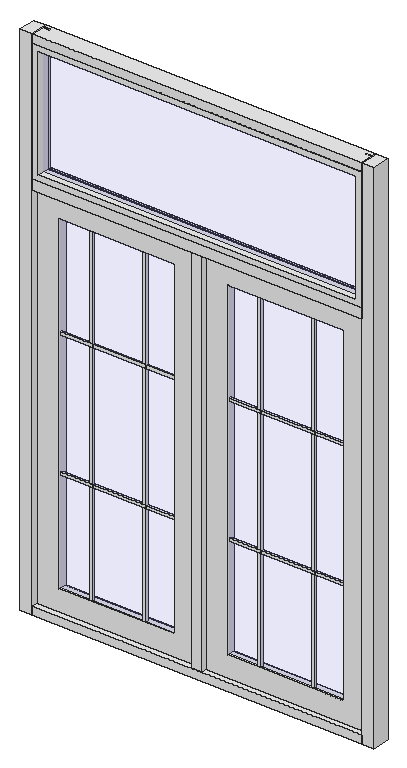
Revit family "Door_Curtain_Wall-Outswing_With_Transom-Traco-NX-8910-Double_Panel", category Curtain Panels, Revit 2015 (continued)
Definition of nested family "Muntin-Grid-Traco-Lites"
  Dimensions and locks (in)
    aligned and locked: plane 3 "Center (Left/Right)" to nested 2
    aligned and locked: nested 2 to plane 1 "Center (Front/Back)"
    aligned and locked: plane 1 "Center (Front/Back)" to nested 1
    aligned and locked: plane 3 "Center (Left/Right)" to nested 1
    aligned and locked: nested 5 to plane 3 "Center (Left/Right)"
    aligned and locked: plane 1 "Center (Front/Back)" to nested 6
    aligned and locked: plane 6 "Bottom" to nested 6
    aligned and locked: nested 5 to plane 12 "Bar Last Vertical"
    aligned and locked: nested 6 to plane 13 "Bar Last Horizontal"
    aligned and locked: plane 6 "Bottom" to nested 5
  Automatic sketch dimensions
    Extrusion 1 sketch curve to Extrusion 1 sketch curve = 8' - 0"  (x2)
  Nested families (in)
    nested 1: "Muntin-Trapezoid-Traco-Single" at (0, 0, 0.4375), Length <- "Length", visible <- "CTRL Bar Vertical Visibility", type <- "Muntin Type", Material <- "Material", type "H-081"
      with Material none, Length 4' - 0"
    nested 2: "Muntin-Trapezoid-Traco-Single" at (0, 0, 0.4375) x (0, 1, 0) z (0, 0, 1), Length <- "Sash Height", visible <- "CTRL Bar Horizontal Visibility", type <- "Muntin Type", Material <- "Material", type "H-081"
      with Material none, Length 4' - 0"
    nested 3: "Muntin-Trapezoid-Traco-Single" at (0, -8, 0.4375) x (-1, 0, 0) z (0, 0, 1), Length <- "Length", visible <- "CTRL Array Horizontal Visibility", type <- "Muntin Type", Material <- "Material", type "H-081"
      with Material none, Length 4' - 0"
    nested 4: "Muntin-Trapezoid-Traco-Single" at (-8, 0, 0.4375) x (0, -1, 0) z (0, 0, 1), Length <- "Sash Height", visible <- "CTRL Array Horizontal Visibility", type <- "Muntin Type", Material <- "Material", type "H-081"
      with Material none, Length 4' - 0"
    nested 5: "Muntin-Trapezoid-Traco-Single" at (0, 8, 0.4375) x (-1, 0, 0) z (0, 0, 1), Length <- "Length", visible <- "CTRL Array Horizontal Visibility", type <- "Muntin Type", Material <- "Material", type "H-081"
      with Material none, Length 4' - 0"
    nested 6: "Muntin-Trapezoid-Traco-Single" at (8, 0, 0.4375) x (0, -1, 0) z (0, 0, 1), Length <- "Sash Height", visible <- "CTRL Array Horizontal Visibility", type <- "Muntin Type", Material <- "Material", type "H-081"
      with Material none, Length 4' - 0"
  Definition of nested family "Muntin-Trapezoid-Traco-Single"
    Parameters
      Width Top = 0' - 0 7/16"
      Width Base = 0' - 1"
      URL = "http://www.alcoa.com/traco/en/home.asp"
      Product Page URL = "http://www.alcoa.com/traco/en/product.asp?prod_id=4228"
      Product Documentation Link = "http://www.alcoa.com/traco/en/cad_spec.asp?prod_id=4228&area=prod"
      Material [instance] = none
      Manufacturer = "Traco"  # constant formula
      Length [instance] = 1' - 0"
      Height = 0' - 0 5/8"
      Description = "Trapezoidal Profile"
      Copyright © = "2011 Traco"  # constant formula
    Reference planes (in)
      plane 1 "Center (Front/Back)": y = 0
      plane 2 "Original Bottom": z = 0
      plane 3 "Center (Left/Right)": x = 0
      plane 4 "Left": x = -6
      plane 5 "Right": x = 6
      plane 6 "Back": y = 0.5
      plane 7 "Front": y = -0.5
      plane 8 "Back Inset": y = 0.21875
      plane 9 "Front Inset": y = -0.21875
      plane 10 "Top": z = 0.625
      plane 11 "Bottom": z = 0
    Forms (in)
      Sweep 1, solid, material <- "Material", detail levels medium+fine
        path origin (0, 0, 0) x (0, -1, 0) y (1, 0, 0)
          loop
            line (0, 6) -> (0, -6)
        profile origin (0, 0, 0) x (0, -1, 0) y (0, 0, 1)
          loop
            line (0.5, 0) -> (0.21875, 0.625) -> (-0.21875, 0.625) -> (-0.5, 0) -> (0.5, 0)
    Lines and regions (in)
      Masking region 1, detail levels medium+fine
        outline origin (0, 0, 0) x (0, 1, 0) y (0, 0, 1)
          loop
            line (0.5, 0) -> (0.21875, 0.625) -> (-0.21875, 0.625) -> (-0.5, 0) -> (0.5, 0)
      Masking region 2, detail levels medium+fine
        outline origin (0, 0, 0) x (1, 0, 0) y (0, 1, 0)
          loop
            line (6, -0.5) -> (6, 0.5) -> (-6, 0.5) -> (-6, -0.5) -> (6, -0.5)
      Masking region 3, detail levels medium+fine
        outline origin (0, 0, 0) x (1, 0, 0) y (0, 0, 1)
          loop
            line (6, 0) -> (6, 0.625) -> (-6, 0.625) -> (-6, 0) -> (6, 0)
      symbolic lines, detail levels coarse
        curve 1: line (0, 0, 0) -> (0, 0, 0.625)
        curve 2: line (-6, 0, 0) -> (6, 0, 0)
        curve 3: line (-6, 0, 0) -> (-6, 0, 0.625)
        curve 4: line (-6, 0, 0.625) -> (6, 0, 0.625)
        curve 5: line (6, 0, 0.625) -> (6, 0, 0)
      model lines, detail levels coarse
        curve 6: line (-6, 0, 0) -> (6, 0, 0)
    Dimensions and locks (in)
      equal spacing: plane 4 "Left", plane 3 "Center (Left/Right)", plane 5 "Right"
      "Length": plane 4 "Left" to plane 5 "Right"
      equal spacing: plane 6 "Back", plane 1 "Center (Front/Back)", plane 7 "Front"
      "Width Base": plane 7 "Front" to plane 6 "Back"
      equal spacing: plane 8 "Back Inset", plane 1 "Center (Front/Back)", plane 9 "Front Inset"
      "Width Top": plane 9 "Front Inset" to plane 8 "Back Inset"
      locked: plane 11 "Bottom" to plane 2 "Original Bottom" at 0
      "Height": plane 10 "Top" to plane 11 "Bottom"
      aligned and locked: plane 2 "Original Bottom" to level
      aligned and locked: plane 4 "Left" to Sweep 1 sketch curve
      aligned and locked: Sweep 1 sketch curve to plane 1 "Center (Front/Back)"
      aligned and locked: plane 5 "Right" to Sweep 1 sketch curve
      aligned and locked: plane 7 "Front" to Sweep 1 sketch curve
      aligned and locked: plane 11 "Bottom" to Sweep 1 sketch curve  (x2)
      aligned and locked: plane 6 "Back" to Sweep 1 sketch curve
      aligned and locked: plane 10 "Top" to Sweep 1 sketch curve
      aligned and locked: plane 8 "Back Inset" to Sweep 1 sketch curve
      aligned and locked: plane 9 "Front Inset" to Sweep 1 sketch curve
      aligned and locked: Sweep 1 sketch curve to plane 10 "Top"
      aligned and locked: Masking region 1 sketch curve to plane 11 "Bottom"
      aligned and locked: plane 10 "Top" to Masking region 1 sketch curve
      aligned and locked: plane 8 "Back Inset" to Masking region 1 sketch curve
      aligned and locked: plane 9 "Front Inset" to Masking region 1 sketch curve
      aligned and locked: plane 7 "Front" to Masking region 1 sketch curve
      aligned and locked: plane 6 "Back" to Masking region 1 sketch curve
      aligned and locked: curve 1 to plane 1 "Center (Front/Back)"
      aligned and locked: plane 11 "Bottom" to curve 1
      aligned and locked: plane 10 "Top" to curve 1
      aligned and locked: plane 4 "Left" to curve 2
      aligned and locked: plane 5 "Right" to curve 2
      aligned and locked: plane 1 "Center (Front/Back)" to curve 2
      aligned and locked: Masking region 2 sketch curve to plane 4 "Left"
      aligned and locked: Masking region 2 sketch curve to plane 5 "Right"
      aligned and locked: Masking region 2 sketch curve to plane 6 "Back"
      aligned and locked: Masking region 2 sketch curve to plane 7 "Front"
      aligned and locked: Masking region 3 sketch curve to plane 4 "Left"
      aligned and locked: Masking region 3 sketch curve to plane 5 "Right"
      aligned and locked: plane 11 "Bottom" to Masking region 3 sketch curve
      aligned and locked: Masking region 3 sketch curve to plane 10 "Top"
      aligned and locked: plane 11 "Bottom" to curve 3
      aligned and locked: plane 11 "Bottom" to curve 5
      aligned and locked: curve 5 to plane 5 "Right"
      aligned and locked: curve 3 to plane 4 "Left"
      aligned and locked: curve 4 to plane 10 "Top"
      aligned and locked: plane 5 "Right" to curve 6
      aligned and locked: plane 4 "Left" to curve 6
      aligned and locked: plane 1 "Center (Front/Back)" to curve 6
